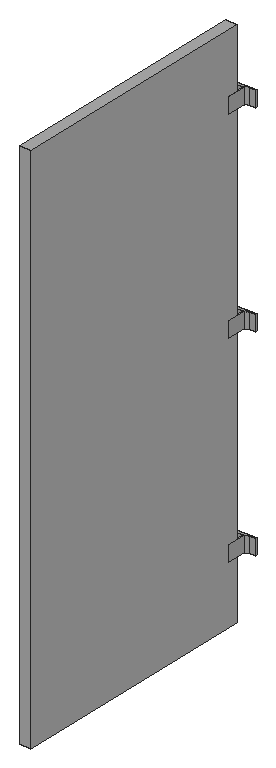
Revit family "Partition-Urinal_Screen-Bradley_Corp-Bradmar", category Specialty Equipment, Revit 2012
Parameters (values of type "23" x 48" Urinal Screen")
  Width = 23"
  Warranty Information = "Warranted 15 years, lifetime of the partition on the stainless steel hardware."
  Version = "2.0"
  URL = "http://www.bradleycorp.com"
  Type Comments = "n/a"
  Top Stirrup Bracket Distance From Floor [instance] = if(Height > 42", 53 5/16", 53 5/16")  # 53 5/16"
  Technical Data = "n/a"
  Stirrup Brackets [instance] = not(Continuous Brackets)  # yes
  Specifications URL = "http://www.bradleycorp.com/3partspec"
  Product Tech Data URL - Spanish = ""
  Product Tech Data URL - French = ""
  Product Tech Data URL - English = "http://bradleycorp.com/download/85/9685.pdf"
  Percentage of Recycled Content = 0
  Partition Material [instance] = Plastic - Bradley Corp - Bradmar - Charcoal Gray
  OmniClass Table 23 Title = "Toilet Compartment and Urinal Screens"
  OmniClass Table 23 Number = "23.15.11.15.11"
  OmniClass Table 21 Title = "Toilet, Bath, and Laundry Accessories"
  OmniClass Table 21 Number = "21-03 10 90 40"
  Modeling Code = "n/a"
  Model = "Bradmar - Urinal Screen"
  Material Note = "Other colors available, stainless hardware also available - Please See www.bradleycorp.com"
  Material = "High Density Polyethylene"
  MasterFormat Title = "Toilet Compartments"
  MasterFormat Number = "10 21 13"
  Manufacturer = "Bradley Corporation"
  LEED Credit = "n/a"
  Industry Standards = "n/a"
  Hardware Material = Metal - Bradley Corp - Aluminum
  Fire Rating = "n/a"
  Description = "Restroom Partitions, Urinal Screen"
  Copyright = "This Model Data is Property of Bradley Corporation"
  Complies to NAFTA = "n/a"
  Center Stirrup Bracket Distance From Floor = if(Height > 42", 35 5/16", 38 5/16")  # 35 5/16"
  Buy American Act = "To Be Determined"
  Bottom Stirrup Bracket Distance From Floor [instance] = if(Height > 42", 17 5/16", 23 5/16")  # 17 5/16"
  Height = 48"
  Distance From Floor [instance] = if(Height > 42", 12", 18")  # 12"
  Continuous Brackets [instance] = no
  Bracket Offset = (Height - 41") * 0.5  # 3 1/2"
  Assembly Code = "C1010400"
  ADA Compliant = "No"  # constant formula
Types (7): name | Width | Center Stirrup Bracket Distance From Floor | Bottom Stirrup Bracket Distance From Floor | Height | Distance From Floor | Bracket Offset
  (no name) | 23" | 35 5/16" | 17 5/16" | 48" | 12" | 3 1/2"
  11" x 42" Urinal Screen | 11" | 38 5/16" | 23 5/16" | 42" | 18" | 1/2"
  17" x 42" Urinal Screen | 17" | 38 5/16" | 23 5/16" | 42" | 18" | 1/2"
  23" x 42" Urinal Screen | 23" | 38 5/16" | 23 5/16" | 42" | 18" | 1/2"
  11" x 48" Urinal Screen | 11" | 35 5/16" | 17 5/16" | 48" | 12" | 3 1/2"
  17" x 48" Urinal Screen | 17" | 35 5/16" | 17 5/16" | 48" | 12" | 3 1/2"
  23" x 48" Urinal Screen | 23" | 35 5/16" | 17 5/16" | 48" | 12" | 3 1/2"
Reference planes (in)
  plane 1 "Center (Front/Back)": y = 0
  plane 2: z = 0
  plane 3 "Center (Left/Right)": x = 0
Forms (in)
  Extrusion 1, solid, material "Plastic - Bradley Corp - Bradmar - Charcoal Gray" <- "Partition Material"
    sketch origin (-0.5, 20.69046, 0) x (0, 1, 0) y (0, 0, 1)
      loop
        line (-44.69046, 60) -> (-44.69046, 12) -> (-21.69046, 12) -> (-21.69046, 60) -> (-44.69046, 60)
    from 0 to 1
Dimensions and locks (in)
  locked: Extrusion 1 to plane 1 "Center (Front/Back)" at 1
  "Distance From Floor": level to Extrusion 1
  Extrusion 1 to plane 3 "Center (Left/Right)" to Extrusion 1 = 1/2" locked, 1/2" locked
  "Height": Extrusion 1 to Extrusion 1
  "Width": Extrusion 1 to Extrusion 1
  "Bracket Offset": Extrusion 1 to nested 1
  "Bottom Stirrup Bracket Distance From Floor": nested 2 to level
  "Top Stirrup Bracket Distance From Floor": nested 3 to level
  "Center Stirrup Bracket Distance From Floor": plane 2 to nested 4
  aligned and locked: plane 3 "Center (Left/Right)" to nested 1
  aligned and locked: plane 1 "Center (Front/Back)" to nested 1
  aligned and locked: plane 1 "Center (Front/Back)" to nested 2
  aligned and locked: plane 3 "Center (Left/Right)" to nested 2
  aligned and locked: plane 1 "Center (Front/Back)" to nested 3
  aligned and locked: plane 3 "Center (Left/Right)" to nested 3
Automatic sketch dimensions
  plane 1 "Center (Front/Back)" to Extrusion 1 sketch curve = 24"
  level to Extrusion 1 sketch curve = 12"
  Extrusion 1 sketch curve to Extrusion 1 sketch curve = 48"
  plane 1 "Center (Front/Back)" to Extrusion 1 sketch curve = 1"
Nested families (in)
  nested 1: "Continuous Brackets" at (0, 0, 11.5), visible <- "Continuous Brackets", type "Continuous Bracket"
  nested 2: "Stirrup Brackets" at (0, 0, 17.3125), visible <- "Stirrup Brackets", type "Stirrup Bracket"
  nested 3: "Stirrup Brackets" at (0, 0, 53.3125), visible <- "Stirrup Brackets", type "Stirrup Bracket"
  nested 4: "Stirrup Brackets" at (0, 0, 35.3125), visible <- "Stirrup Brackets", type "Stirrup Bracket"
Definition of nested family "Continuous Brackets"
  Parameters (values of type "41" Continuous Bracket")
    Material = Metal - Bradley Corp - Stainless Steel
    Assembly Code = ""
  Reference planes (in)
    plane 1 "Center (Front/Back)": y = 0
    plane 2: z = 0
    plane 3 "Center (Left/Right)": x = 0
    plane 4: x = -0.5
    plane 5: x = 0.5
    plane 6: y = -1
    plane 7: y = -2
    plane 8: y = -0.1
    plane 9: y = -0.35
    plane 10 "del me": z = 0
    plane 11 "Midplane Of Bracket": z = 24.5
    plane 12 "Top Of Bracket": z = 45
    plane 13 "Bottom Of Bracket": z = 4
  Forms (in)
    Extrusion 1, solid, material "Metal - Bradley Corp - Stainless Steel" <- "Material"
      sketch origin (0, 0, 44.25) x (1, 0, 0) y (0, 1, 0)
        loop
          line (-1.5, 0) -> (-1.5, -0.1) -> (-0.85, -0.1)
          arc (-0.85, -0.1) -> (-0.67322, -0.17322) -> (-0.6, -0.35) r 0.25
          line (-0.6, -0.35) -> (-0.6, -2) -> (-0.5, -2) -> (-0.5, -0.27354) -> (0.5, -0.27354) -> (0.5, -2) -> (0.6, -2) -> (0.6, -0.35)
          arc (0.6, -0.35) -> (0.67322, -0.17322) -> (0.85, -0.1) r 0.25
          line (0.85, -0.1) -> (1.5, -0.1) -> (1.5, 0) -> (-1.5, 0)
      from 0.75 to -40.25
  Dimensions and locks (in)
    locked: plane 8 to plane 9 at 0.25
    locked: plane 6 to plane 7 at 1
    locked: Extrusion 1 to Extrusion 1 at 3
    locked: Extrusion 1 to Extrusion 1 at 1
    locked: Extrusion 1 to Extrusion 1 at 1.72646  (x2)
    locked: Extrusion 1 to Extrusion 1 at 0.1  (x4)
    locked: Extrusion 1 to Extrusion 1 at 0.65  (x2)
    locked: Extrusion 1 to Extrusion 1 at 0.27354  (x2)
    locked: Extrusion 1 to Extrusion 1 at 2
    locked: Extrusion 1 to Extrusion 1 at 0.9  (x2)
    locked: plane 12 "Top Of Bracket" to plane 13 "Bottom Of Bracket" at 41
    radius of Extrusion 1 = 1/4"  (x2)
    aligned and locked: plane 12 "Top Of Bracket" to Extrusion 1
    aligned and locked: Extrusion 1 to plane 13 "Bottom Of Bracket"
Definition of nested family "Stirrup Brackets"
  Parameters (values of type "Stirrup Bracket")
    Material = Metal - Bradley Corp - Stainless Steel
    Assembly Code = ""
  Reference planes (in)
    plane 1 "Center (Front/Back)": y = 0
    plane 2: z = 0
    plane 3 "Center (Left/Right)": x = 0
    plane 4: x = -0.5
    plane 5: x = 0.5
    plane 6: y = -1
    plane 7: y = -2
    plane 8: y = -0.1
    plane 9: y = -0.35
  Forms (in)
    Extrusion 1, solid, material "Metal - Bradley Corp - Stainless Steel" <- "Material"
      sketch origin (0, 0, -244) x (1, 0, 0) y (0, 1, 0)
        loop
          line (-1.5, 0) -> (-1.5, -0.1) -> (-0.85, -0.1)
          arc (-0.85, -0.1) -> (-0.67322, -0.17322) -> (-0.6, -0.35) r 0.25
          line (-0.6, -0.35) -> (-0.6, -2) -> (-0.5, -2) -> (-0.5, -0.27354) -> (0.5, -0.27354) -> (0.5, -2) -> (0.6, -2) -> (0.6, -0.35)
          arc (0.6, -0.35) -> (0.67322, -0.17322) -> (0.85, -0.1) r 0.25
          line (0.85, -0.1) -> (1.5, -0.1) -> (1.5, 0) -> (-1.5, 0)
      from 244 to 245.375
  Dimensions and locks (in)
    locked: plane 8 to plane 9 at 0.25
    locked: plane 6 to plane 7 at 1
    locked: Extrusion 1 to Extrusion 1 at 3
    locked: Extrusion 1 to Extrusion 1 at 1
    locked: Extrusion 1 to Extrusion 1 at 1.72646  (x2)
    locked: Extrusion 1 to Extrusion 1 at 0.1  (x4)
    locked: Extrusion 1 to Extrusion 1 at 0.65  (x2)
    locked: Extrusion 1 to Extrusion 1 at 0.27354  (x2)
    locked: Extrusion 1 to Extrusion 1 at 2
    locked: Extrusion 1 to Extrusion 1 at 0.9  (x2)
    radius of Extrusion 1 = 1/4"  (x2)
